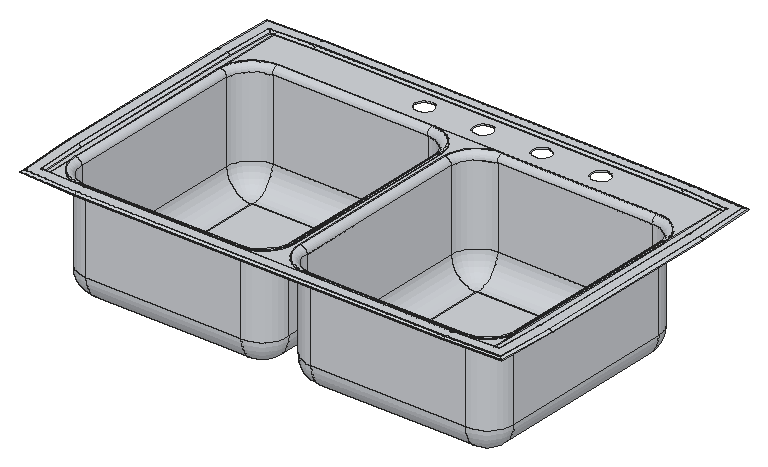
Revit family "equip-sink-elkay-double-lustertone", category Generic Models, Revit 2019
Family settings
  Can host rebar = No
  Round Connector Dimension = Use Diameter
  Part Type = Normal
  Work Plane-Based = No
  Always vertical = Yes
  Cut with Voids When Loaded = No
  Shared = No
  Room Calculation Point = No
Parameters (values of type "LR3321")
  URL = "www.elkayusa.com"
  Specification Sheet URL = "http://www.elkayusa.com/cps/rde/xbcr/elkay/01-62H_LR(Q)_LRAD(Q)_Double_Bowl.pdf"
  Sink Width = 1' - 9 1/4"
  Sink Material = none
  Sink Length = 2' - 9"
  Sink Ledge Sides Width = 0' - 1 7/8"
  Sink Ledge Front Width = 0' - 1 1/2"
  Sink Ledge Back Width = 0' - 4"
  Sink Depth = 0' - 7 5/8"
  Sink Bowl Formula = ((Sink Length - Sink Ledge Sides Width - Sink Ledge Sides Width - Partition Width) / 2)  # 1' - 2"
  Partition Width = 0' - 1 1/4"
  Model = "LR3321"
  Minimum Cabinet Width = ""
  Manufacturer = "Elkay Manufacturing"
  Installation Sheet URL = "http://www.elkayusa.com/cps/rde/xbcr/elkay/74180147.pdf"
  Hole 5 Top = 0' - 1 1/2"
  Hole 4 Top = 0' - 2"
  Hole 3 Top = 0' - 2"
  Hole 2 Top = 0' - 2"
  Hole 1 to 6 = 1' - 6"
  Hole 1 to 8 = 2' - 0"
  Hole 1 to 7 = 1' - 9"
  Hole 1 to 5 = 1' - 3"
  Hole 1 to 4 = 1' - 0"
  Hole 1 to 3 = 0' - 8"
  Hole 1 to 2 = 0' - 4"
  Hole 1 from CL = 0' - 4"
  Hole 1 Top = 0' - 2"
  Faucet Hole CL = 0' - 2 1/4"
  Drain Location = 0' - 8"
  Description = "Lustertone Double Bowl Sink"
  Deep Specification Sheet URL = "http://www.elkayusa.com/cps/rde/xbcr/elkay/01-19G_DLR(Q)_Double_Bowl.pdf"
  Custom Bowl = no
  Custom Bowl Length = ((Sink Length - Sink Ledge Sides Width - Sink Ledge Sides Width - Partition Width) / 2) - CL Sink to CL Partition  # 1' - 2"
  CL Sink to CL Partition = 0' - 0"
  Bowl Length = ((Sink Length - Sink Ledge Sides Width - Sink Ledge Sides Width - Partition Width) / 2)  # 1' - 2"
  Left Bowl Length = if(Custom Bowl, Custom Bowl Length, Sink Bowl Formula)  # 1' - 2"
  2D Hole 5 = Hole 5 Top = 0' 2"  # no
  2D Hole 4 = Hole 4 Top = 0' 2"  # yes
  2D Hole 3 = Hole 3 Top = 0' 2"  # yes
  2D Hole 2 = Hole 2 Top = 0' 2"  # yes
  2D Hole 1 = Hole 1 Top = 0' 2"  # yes
Types (4): name
  ByType
  LR3321
  LR3319
  DLR332210
Reference planes (in)
  plane 1 "CL Sink Hole": y = -0.125
  plane 2 "Rim Top Outside Corner": z = 0.0015695
  plane 3 "Center (Left/Right)": x = 0
  plane 4 "Basin Edge Left": x = -14.625
  plane 5 "Basin Edge Right": x = 14.625
  plane 6 "Basin Edge Back": y = 7.875
  plane 7 "Basin Edge Front": y = -7.875
  plane 8 "Left": x = -16.5
  plane 9 "Right": x = 16.5
  plane 10 "Back": y = 11.875
  plane 11 "Front": y = -9.375
  plane 12 "Sink Angle Back Corner": y = 11.7042275
  plane 13 "Sink Angle Right Corner": x = 16.3267866
  plane 14 "Sink Angle Right": x = 12.5172067
  plane 15 "Sink Angle Back": y = 7.5898437
  plane 16 "Sink Angle Left": x = -12.515625
  plane 17 "Sink Angle Left Corner": x = -16.328125
  plane 18 "Sink Angle Front Corner": y = -9.203125
  plane 19 "Sink Angle Front": y = -5.0898438
  plane 20 "Sink Top Face Back Edge": y = 10.8469509
  plane 21 "Sink Top Face Front Edge": y = -8.3476563
  plane 22 "Sink Top Face Right Edge": x = 15.0976563
  plane 23 "Sink Top Face Left Edge": x = -15.0976562
  plane 24 "Sink Bowl Bottom (Top Face)": z = -7.5195312
  plane 25 "Faucet CL": y = 9.625
  plane 26 "Sink Top Piece Top Face": z = -0.0194305
  plane 27 "Sink Top Piece Bottom Face": z = -0.0819305
  plane 28 "Left Sink Bottom Piece Right Edge": x = -2.3125
  plane 29 "Top Void for Radius Back Edge": y = 5.375
  plane 30 "back ledge void radius": y = 8.3671875
  plane 31 "front ledge void radius": y = -8.3671875
  plane 32 "Top Radius Corner Prot": z = -0.4405305
  plane 33: z = -5.8320312
  plane 34 "Sink Bowl Bottom (Bottom Face)": z = -7.5820312
  plane 35 "Left Sink Bottom Piece Left Edge": x = -12.9375
  plane 36 "Sink Bottom Piece Right Edge": x = 12.9375
  plane 37 "Sink Bottom Piece Back Edge": y = 6.1875
  plane 38 "Sink Bottom Piece Front Edge": y = -6.1875
  plane 39 "Top Void for Radius Front Edge": y = -4.875
  plane 40 "Sink Top Locked Edge Right": x = 15.5625
  plane 41 "Sink Top Locked Edge Left": x = -15.5625
  plane 42 "Hole 1": x = -4
  plane 43 "Hole 2": x = 0
  plane 44 "Hole 3": x = 4
  plane 45 "Hole 4": x = 8
  plane 46 "Hole 5": x = 11
  plane 47 "Faucet Hole Void Bottoms": z = -1.9984305
  plane 48 "Hole 1 Top": z = 0.0015695
  plane 49 "Hole 2 Top": z = 0.0015695
  plane 50 "Hole 3 Top": z = 0.0015695
  plane 51 "Hole 4 Top": z = 0.0015695
  plane 52 "Hole 5 Top": z = -0.4984305
  plane 53 "Top": z = 0.1054687
  plane 54 "Insertion Plan for Sink - Bottom Outside Corner of Rim": z = -0.0524008
  plane 55 "Center (Front/Back)": y = 0
  plane 56 "CL PARTITION": x = 0
  plane 57 "LEFT BOWL RIGHT EDGE": x = -0.625
  plane 58 "RIGHT BOWL LEFT EDGE": x = 0.625
  plane 59 "Sink Bottom Piece Left Edge": x = 2.3125
  plane 60 "Left Bowl CL Drain": x = -7.625
  plane 61 "Right Bowl CL Drain": x = 7.625
  plane 62 "Left Partition Left Edge": x = -0.1328125
  plane 63 "Left Partition Right Edge": x = 0.1328125
Forms (in)
  Sweep 1, solid, material <- "Sink Material"
    path origin (0, 0, 0) x (1, 0, 0) y (0, 1, 0)
      loop
        line (12.5172067, 11.875) -> (-12.515625, 11.875) -> (-16.328125, 11.7042275) -> (-16.5, 7.5898437) -> (-16.5, -5.0898438) -> (-16.328125, -9.203125) -> (-12.515625, -9.375) -> (12.5172067, -9.375) -> (16.3267866, -9.203125) -> (16.5, -5.0898438) -> (16.5, 7.5898437) -> (16.3267866, 11.7042275) -> (12.5172067, 11.875)
    profile "profile-elkay-sink-rim-1 : profile-elkay-sink-rim-1" origin (0.0007909, 11.875, 0) x (0, -1, 0) y (0, 0, 1)
      loop
        line (0, 0) -> (0, -0.0524008) -> (0.2039181, 0.0577989) -> (0.8052651, 0.0577989) -> (1.0074493, -0.0709913) -> (1.0074493, -0.0163327) -> (0.841093, 0.0896347)
        arc (0.841093, 0.0896347) -> (0.8176388, 0.1002604) -> (0.7921483, 0.1038992) r 0.091102
        line (0.7921483, 0.1038992) -> (0.2153023, 0.1038992)
        arc (0.2153023, 0.1038992) -> (0.1929626, 0.1011179) -> (0.1719868, 0.0929438) r 0.0911081
        line (0.1719868, 0.0929438) -> (0, 0)
  Extrusion 2, solid, material <- "Sink Material"
    sketch origin (0, 0, 0) x (1, 0, 0) y (0, 1, 0)
      loop
        line (-15.0976562, 10.8469509) -> (-15.0976562, 5.375) -> (15.0976563, 5.375) -> (15.0976563, 10.8469509) -> (-15.0976562, 10.8469509)
    from -0.0819305 to -0.0194305
  Extrusion 3, void
    sketch origin (0, 0, 0) x (1, 0, 0) y (0, 1, 0)
      loop
        line (15.0976563, 5.375) -> (15.0976563, 6.0191505)
        arc (15.0976563, 6.0191505) -> (14.4099321, 7.6794634) -> (12.7496193, 8.3671875) r 2.348037
        line (12.7496193, 8.3671875) -> (-12.75, 8.3671875)
        arc (-12.75, 8.3671875) -> (-14.4100437, 7.6795749) -> (-15.0976562, 6.0195312) r 2.3476562
        line (-15.0976562, 6.0195312) -> (-15.0976562, 5.375) -> (15.0976563, 5.375)
    from -0.7469965 to 0.495879
  Extrusion 4, solid, material <- "Sink Material"
    sketch origin (0, 0, 0) x (1, 0, 0) y (0, 1, 0)
      loop
        line (-15.0976562, -5.0898438) -> (-15.0976562, -8.3476563) -> (15.0976563, -8.3476563) -> (15.0976563, -5.0898438) -> (-15.0976562, -5.0898438)
    from -0.0819305 to -0.0194305
  Extrusion 5, void
    sketch origin (0, 0, 0) x (1, 0, 0) y (0, 1, 0)
      loop
        line (-15.0976562, -4.875) -> (-15.0976562, -6.0857599)
        arc (-15.0976562, -6.0857599) -> (-14.4294416, -7.6989728) -> (-12.8162287, -8.3671875) r 2.2814276
        line (-12.8162287, -8.3671875) -> (12.8164063, -8.3671875)
        arc (12.8164063, -8.3671875) -> (14.4294936, -7.6990248) -> (15.0976562, -6.0859375) r 2.28125
        line (15.0976562, -6.0859375) -> (15.0976563, -4.875) -> (-15.0976562, -4.875)
    from -1.9984305 to 0.6466859
  Extrusion 6, solid, material <- "Sink Material"
    sketch origin (0, 0, 0) x (1, 0, 0) y (0, 1, 0)
      loop
        line (-15.5625, 10.8469509) -> (-15.5625, -8.3476563) -> (-15.0976562, -8.3476563) -> (-15.0976562, 10.8469509) -> (-15.5625, 10.8469509)
    from -0.0819305 to -0.0194305
  Extrusion 7, solid, material <- "Sink Material"
    sketch origin (0, 0, 0) x (1, 0, 0) y (0, 1, 0)
      loop
        line (15.0976563, 10.8469509) -> (15.0976563, -8.3476563) -> (15.5625, -8.3476563) -> (15.5625, 10.8469509) -> (15.0976563, 10.8469509)
    from -0.0819305 to -0.0194305
  Sweep 8, solid, material <- "Sink Material"
    path origin (-14.75, 0, -0.0194305) x (-1, 0, 0) y (0, -1, 0)
      loop
        line (-12.375, -7.875) -> (-1.875, -7.875)
        arc (-1.875, -7.875) -> (-0.6375631, -7.3624369) -> (-0.125, -6.125) r 1.75
        line (-0.125, -6.125) -> (-0.125, 6.125)
        arc (-0.125, 6.125) -> (-0.6375631, 7.3624369) -> (-1.875, 7.875) r 1.75
        line (-1.875, 7.875) -> (-12.375, 7.875)
        arc (-12.375, 7.875) -> (-13.6124369, 7.3624369) -> (-14.125, 6.125) r 1.75
        line (-14.125, 6.125) -> (-14.125, -6.125)
        arc (-14.125, -6.125) -> (-13.6124369, -7.3624369) -> (-12.375, -7.875) r 1.75
    profile "profile-elkay-sink-top corner : profile-elkay-sink-top corner" origin (-7.625, 7.875, -0.0194305) x (0, -1, 0) y (0, 0, 1)
      loop
        line (-0.4204811, 0) -> (-0.4921875, 0) -> (-0.4921875, -0.0461) -> (-0.4204811, -0.0461)
        arc (-0.4204811, -0.0461) -> (-0.1553161, -0.155935) -> (-0.0454811, -0.4211) r 0.375
        line (-0.0454811, -0.4211) -> (0.0006189, -0.4211)
        arc (0.0006189, -0.4211) -> (-0.1227185, -0.1233373) -> (-0.4204811, 0) r 0.4211
  Sweep 9, solid, material <- "Sink Material"
    path origin (-14.75, 0, -7.5195312) x (-1, 0, 0) y (0, -1, 0)
      loop
        line (-0.125, -6.125) -> (-0.125, 6.125)
        arc (-0.125, 6.125) -> (-0.6375631, 7.3624369) -> (-1.875, 7.875) r 1.75
        line (-1.875, 7.875) -> (-12.375, 7.875)
        arc (-12.375, 7.875) -> (-13.6124369, 7.3624369) -> (-14.125, 6.125) r 1.75
        line (-14.125, 6.125) -> (-14.125, -6.125)
        arc (-14.125, -6.125) -> (-13.6124369, -7.3624369) -> (-12.375, -7.875) r 1.75
        line (-12.375, -7.875) -> (-1.875, -7.875)
        arc (-1.875, -7.875) -> (-0.6375631, -7.3624369) -> (-0.125, -6.125) r 1.75
    profile "profile-elkay-sink-btm-crnr_1-6875 : profile-elkay-sink-btm-crnr_1-6875" origin (-14.625, 0, -7.5195312) x (1, 0, 0) y (0, 0, 1)
      loop
        line (1.6875, -0.0625) -> (1.6875, 0)
        arc (1.6875, 0) -> (0.4942573, 0.4942573) -> (0, 1.6875) r 1.6875
        line (0, 1.6875) -> (-0.0625, 1.6875)
        arc (-0.0625, 1.6875) -> (0.4500631, 0.4500631) -> (1.6875, -0.0625) r 1.75
  Extrusion 10, solid, material <- "Sink Material"
    sketch origin (0, 0, 0) x (1, 0, 0) y (0, 1, 0)
      loop
        line (-12.9375, 6.1875) -> (-12.9375, -6.1875) -> (-2.3125, -6.1875) -> (-2.3125, 6.1875) -> (-12.9375, 6.1875)
    from -7.5820312 to -7.5195312
  Extrusion 11, solid, material <- "Sink Material"
    sketch origin (-14.75, 0, 0) x (1, 0, 0) y (0, 1, 0)
      loop
        arc (1.875, 7.875) -> (0.6375631, 7.3624369) -> (0.125, 6.125) r 1.75
        line (0.125, 6.125) -> (0.125, -6.125)
        arc (0.125, -6.125) -> (0.6375631, -7.3624369) -> (1.875, -7.875) r 1.75
        line (1.875, -7.875) -> (12.375, -7.875)
        arc (12.375, -7.875) -> (13.6124369, -7.3624369) -> (14.125, -6.125) r 1.75
        line (14.125, -6.125) -> (14.125, 6.125)
        arc (14.125, 6.125) -> (13.6124369, 7.3624369) -> (12.375, 7.875) r 1.75
        line (12.375, 7.875) -> (1.875, 7.875)
      loop
        arc (1.875, 7.9375) -> (0.593369, 7.406631) -> (0.0625, 6.125) r 1.8125
        line (0.0625, 6.125) -> (0.0625, -6.125)
        arc (0.0625, -6.125) -> (0.593369, -7.406631) -> (1.875, -7.9375) r 1.8125
        line (1.875, -7.9375) -> (12.375, -7.9375)
        arc (12.375, -7.9375) -> (13.656631, -7.406631) -> (14.1875, -6.125) r 1.8125
        line (14.1875, -6.125) -> (14.1875, 6.125)
        arc (14.1875, 6.125) -> (13.656631, 7.406631) -> (12.375, 7.9375) r 1.8125
        line (12.375, 7.9375) -> (1.875, 7.9375)
    from -5.8320312 to -0.4405305
  Extrusion 12, void
    sketch origin (0, 0, 0) x (1, 0, 0) y (0, 1, 0)
      loop
        circle (-7.625, -0.125) r 2.5
    from -7.5820312 to -5.8320312
  Sweep 13, solid, material <- "Sink Material"
    path origin (-14.75, 0, -7.5195312) x (-1, 0, 0) y (0, -1, 0)
      loop
        circle (-7.125, 0.125) r 2.501635
    profile "profile-elkay-sink-hole-1 : profile-elkay-sink-hole-1" origin (-7.625, -2.626635, -7.5195312) x (0, 1, 0) y (0, 0, 1)
      loop
        line (0.5785343, -0.3269365) -> (0.1564602, -0.1343744)
        arc (0.1564602, -0.1343744) -> (0.1424945, -0.125589) -> (0.1313144, -0.1134552) r 0.0625
        line (0.1313144, -0.1134552) -> (0.0881719, -0.0522605)
        arc (0.0881719, -0.0522605) -> (0.0506391, -0.015074) -> (0, 0) r 0.1086
        line (0, 0) -> (0, -0.0461763)
        arc (0, -0.0461763) -> (0.0262058, -0.0541921) -> (0.0464633, -0.0726482) r 0.0625
        line (0.0464633, -0.0726482) -> (0.093406, -0.1396891)
        arc (0.093406, -0.1396891) -> (0.1129384, -0.1609677) -> (0.1373891, -0.176345) r 0.1086
        line (0.1373891, -0.176345) -> (0.5785343, -0.3776079) -> (0.5785343, -0.3269365)
  Sweep 14, solid, material <- "Sink Material"
    path origin (14.75, 0, -0.0194305) x (-1, 0, 0) y (0, -1, 0)
      loop
        line (1.875, -7.875) -> (12.375, -7.875)
        arc (12.375, -7.875) -> (13.6124369, -7.3624369) -> (14.125, -6.125) r 1.75
        line (14.125, -6.125) -> (14.125, 6.125)
        arc (14.125, 6.125) -> (13.6124369, 7.3624369) -> (12.375, 7.875) r 1.75
        line (12.375, 7.875) -> (1.875, 7.875)
        arc (1.875, 7.875) -> (0.6375631, 7.3624369) -> (0.125, 6.125) r 1.75
        line (0.125, 6.125) -> (0.125, -6.125)
        arc (0.125, -6.125) -> (0.6375631, -7.3624369) -> (1.875, -7.875) r 1.75
    profile "profile-elkay-sink-top corner : profile-elkay-sink-top corner" origin (7.625, 7.875, -0.0194305) x (0, -1, 0) y (0, 0, 1)
      loop
        line (-0.4204811, 0) -> (-0.4921875, 0) -> (-0.4921875, -0.0461) -> (-0.4204811, -0.0461)
        arc (-0.4204811, -0.0461) -> (-0.1553161, -0.155935) -> (-0.0454811, -0.4211) r 0.375
        line (-0.0454811, -0.4211) -> (0.0006189, -0.4211)
        arc (0.0006189, -0.4211) -> (-0.1227185, -0.1233373) -> (-0.4204811, 0) r 0.4211
  Sweep 15, solid, material <- "Sink Material"
    path origin (14.75, 0, -7.5195312) x (-1, 0, 0) y (0, -1, 0)
      loop
        line (14.125, -6.125) -> (14.125, 6.125)
        arc (14.125, 6.125) -> (13.6124369, 7.3624369) -> (12.375, 7.875) r 1.75
        line (12.375, 7.875) -> (1.875, 7.875)
        arc (1.875, 7.875) -> (0.6375631, 7.3624369) -> (0.125, 6.125) r 1.75
        line (0.125, 6.125) -> (0.125, -6.125)
        arc (0.125, -6.125) -> (0.6375631, -7.3624369) -> (1.875, -7.875) r 1.75
        line (1.875, -7.875) -> (12.375, -7.875)
        arc (12.375, -7.875) -> (13.6124369, -7.3624369) -> (14.125, -6.125) r 1.75
    profile "profile-elkay-sink-btm-crnr_1-6875 : profile-elkay-sink-btm-crnr_1-6875" origin (0.625, 0, -7.5195312) x (1, 0, 0) y (0, 0, 1)
      loop
        line (1.6875, -0.0625) -> (1.6875, 0)
        arc (1.6875, 0) -> (0.4942573, 0.4942573) -> (0, 1.6875) r 1.6875
        line (0, 1.6875) -> (-0.0625, 1.6875)
        arc (-0.0625, 1.6875) -> (0.4500631, 0.4500631) -> (1.6875, -0.0625) r 1.75
  Extrusion 16, solid, material <- "Sink Material"
    sketch origin (14.75, 0, 0) x (1, 0, 0) y (0, 1, 0)
      loop
        arc (-12.375, 7.875) -> (-13.6124369, 7.3624369) -> (-14.125, 6.125) r 1.75
        line (-14.125, 6.125) -> (-14.125, -6.125)
        arc (-14.125, -6.125) -> (-13.6124369, -7.3624369) -> (-12.375, -7.875) r 1.75
        line (-12.375, -7.875) -> (-1.875, -7.875)
        arc (-1.875, -7.875) -> (-0.6375631, -7.3624369) -> (-0.125, -6.125) r 1.75
        line (-0.125, -6.125) -> (-0.125, 6.125)
        arc (-0.125, 6.125) -> (-0.6375631, 7.3624369) -> (-1.875, 7.875) r 1.75
        line (-1.875, 7.875) -> (-12.375, 7.875)
      loop
        arc (-12.375, 7.9375) -> (-13.656631, 7.406631) -> (-14.1875, 6.125) r 1.8125
        line (-14.1875, 6.125) -> (-14.1875, -6.125)
        arc (-14.1875, -6.125) -> (-13.656631, -7.406631) -> (-12.375, -7.9375) r 1.8125
        line (-12.375, -7.9375) -> (-1.875, -7.9375)
        arc (-1.875, -7.9375) -> (-0.593369, -7.406631) -> (-0.0625, -6.125) r 1.8125
        line (-0.0625, -6.125) -> (-0.0625, 6.125)
        arc (-0.0625, 6.125) -> (-0.593369, 7.406631) -> (-1.875, 7.9375) r 1.8125
        line (-1.875, 7.9375) -> (-12.375, 7.9375)
    from -5.8320312 to -0.4405305
  Extrusion 17, solid, material <- "Sink Material"
    sketch origin (0, 0, 0) x (1, 0, 0) y (0, 1, 0)
      loop
        line (2.3125, 6.1875) -> (2.3125, -6.1875) -> (12.9375, -6.1875) -> (12.9375, 6.1875) -> (2.3125, 6.1875)
    from -7.5820312 to -7.5195312
  Extrusion 18, void
    sketch origin (0, 0, 0) x (1, 0, 0) y (0, 1, 0)
      loop
        circle (7.625, -0.125) r 2.5
    from -7.5820312 to -5.8320312
  Sweep 19, solid, material <- "Sink Material"
    path origin (14.75, 0, -7.5195312) x (-1, 0, 0) y (0, -1, 0)
      loop
        circle (7.125, 0.125) r 2.501635
    profile "profile-elkay-sink-hole-1 : profile-elkay-sink-hole-1" origin (7.625, -2.626635, -7.5195312) x (0, 1, 0) y (0, 0, 1)
      loop
        line (0.5785343, -0.3269365) -> (0.1564602, -0.1343744)
        arc (0.1564602, -0.1343744) -> (0.1424945, -0.125589) -> (0.1313144, -0.1134552) r 0.0625
        line (0.1313144, -0.1134552) -> (0.0881719, -0.0522605)
        arc (0.0881719, -0.0522605) -> (0.0506391, -0.015074) -> (0, 0) r 0.1086
        line (0, 0) -> (0, -0.0461763)
        arc (0, -0.0461763) -> (0.0262058, -0.0541921) -> (0.0464633, -0.0726482) r 0.0625
        line (0.0464633, -0.0726482) -> (0.093406, -0.1396891)
        arc (0.093406, -0.1396891) -> (0.1129384, -0.1609677) -> (0.1373891, -0.176345) r 0.1086
        line (0.1373891, -0.176345) -> (0.5785343, -0.3776079) -> (0.5785343, -0.3269365)
  Extrusion 20, void
    sketch origin (0, 0, 0) x (1, 0, 0) y (0, 1, 0)
      loop
        circle (-4, 9.625) r 0.625
    from -1.9984305 to 0.0015695
  Extrusion 21, void
    sketch origin (0, 0, 0) x (1, 0, 0) y (0, 1, 0)
      loop
        circle (0, 9.625) r 0.625
    from -1.9984305 to 0.0015695
  Extrusion 22, void
    sketch origin (0, 0, 0) x (1, 0, 0) y (0, 1, 0)
      loop
        circle (4, 9.625) r 0.625
    from -1.9984305 to 0.0015695
  Extrusion 23, void
    sketch origin (0, 0, 0) x (1, 0, 0) y (0, 1, 0)
      loop
        circle (8, 9.625) r 0.625
    from -1.9984305 to 0.0015695
  Extrusion 24, void
    sketch origin (0, 0, 0) x (1, 0, 0) y (0, 1, 0)
      loop
        circle (11, 9.625) r 0.625
    from -1.9984305 to -0.4984305
  Extrusion 25, solid, material <- "Sink Material"
    sketch origin (0, 0, 0) x (1, 0, 0) y (0, 1, 0)
      loop
        arc (-2.375, 8.3671875) -> (-0.789534, 7.710466) -> (-0.1328125, 6.125) r 2.2421875
        line (-0.1328125, 6.125) -> (-0.1328125, -6.125)
        arc (-0.1328125, -6.125) -> (-0.789534, -7.710466) -> (-2.375, -8.3671875) r 2.2421875
        line (-2.375, -8.3671875) -> (2.375, -8.3671875)
        arc (2.375, -8.3671875) -> (0.789534, -7.710466) -> (0.1328125, -6.125) r 2.2421875
        line (0.1328125, -6.125) -> (0.1328125, 6.125)
        arc (0.1328125, 6.125) -> (0.789534, 7.710466) -> (2.375, 8.3671875) r 2.2421875
        line (2.375, 8.3671875) -> (-2.375, 8.3671875)
    from -0.0819305 to -0.0194305
Cuts and joins
  Extrusion 3, Extrusion 12, Extrusion 18, Extrusion 20, Extrusion 21, Extrusion 22, Extrusion 23, Extrusion 24 cuts Sweep 1
  Extrusion 3, Extrusion 20, Extrusion 21, Extrusion 22, Extrusion 23, Extrusion 24 cuts Extrusion 2
  Extrusion 5 cuts Extrusion 4
  Extrusion 12 cuts Extrusion 10
  Extrusion 18 cuts Extrusion 17
Lines and regions (in)
  reference lines
    curve 1: line (12.5172067, 11.875, 0) -> (16.3267866, 11.7042275, 0)
    curve 2: line (16.3267866, 11.7042275, 0) -> (16.5, 7.5898437, 0)
    curve 3: line (-12.515625, 11.875, 0) -> (-16.328125, 11.7042275, 0)
    curve 4: line (-16.328125, 11.7042275, 0) -> (-16.5, 7.5898437, 0)
    curve 5: line (-16.5, -5.0898438, 0) -> (-16.328125, -9.203125, 0)
    curve 6: line (-16.328125, -9.203125, 0) -> (-12.515625, -9.375, 0)
    curve 7: line (16.5, -5.0898438, 0) -> (16.3267866, -9.203125, 0)
    curve 8: line (16.3267866, -9.203125, 0) -> (12.5172067, -9.375, 0)
Dimensions and locks (in)
  "Sink Ledge Sides Width": plane 8 "Left" to plane 4 "Basin Edge Left"
  "Sink Ledge Sides Width": plane 5 "Basin Edge Right" to plane 9 "Right"
  "Sink Length": plane 8 "Left" to plane 9 "Right"
  "Drain Location": plane 6 "Basin Edge Back" to plane 1 "CL Sink Hole"
  "Sink Ledge Back Width": plane 10 "Back" to plane 6 "Basin Edge Back"
  "Sink Ledge Front Width": plane 7 "Basin Edge Front" to plane 11 "Front"
  locked: plane 13 "Sink Angle Right Corner" to plane 9 "Right" at 0.1732134
  locked: plane 10 "Back" to plane 12 "Sink Angle Back Corner" at 0.1707725
  locked: plane 14 "Sink Angle Right" to plane 9 "Right" at 3.9827933
  locked: plane 10 "Back" to plane 15 "Sink Angle Back" at 4.2851562
  locked: plane 8 "Left" to plane 17 "Sink Angle Left Corner" at 0.171875
  locked: plane 8 "Left" to plane 16 "Sink Angle Left" at 3.984375
  locked: plane 18 "Sink Angle Front Corner" to plane 11 "Front" at 0.171875
  locked: plane 19 "Sink Angle Front" to plane 11 "Front" at 4.2851562
  "Sink Width": plane 10 "Back" to plane 11 "Front"
  locked: plane 10 "Back" to plane 20 "Sink Top Face Back Edge" at 1.0280491
  locked: plane 21 "Sink Top Face Front Edge" to plane 11 "Front" at 1.0273438
  locked: plane 23 "Sink Top Face Left Edge" to plane 4 "Basin Edge Left" at 0.4726562
  "Sink Depth": plane 53 "Top" to plane 24 "Sink Bowl Bottom (Top Face)"
  "Faucet Hole CL": plane 10 "Back" to plane 25 "Faucet CL"
  locked: plane 2 "Rim Top Outside Corner" to plane 26 "Sink Top Piece Top Face" at 0.021
  locked: plane 26 "Sink Top Piece Top Face" to plane 27 "Sink Top Piece Bottom Face" at 0.0625
  locked: plane 6 "Basin Edge Back" to plane 29 "Top Void for Radius Back Edge" at 2.5
  locked: plane 30 "back ledge void radius" to plane 29 "Top Void for Radius Back Edge" at 2.9921875
  locked: plane 39 "Top Void for Radius Front Edge" to plane 31 "front ledge void radius" at 3.4921875
  locked: plane 2 "Rim Top Outside Corner" to plane 32 "Top Radius Corner Prot" at 0.4421
  locked: plane 33 to plane 24 "Sink Bowl Bottom (Top Face)" at 1.6875
  locked: plane 24 "Sink Bowl Bottom (Top Face)" to plane 34 "Sink Bowl Bottom (Bottom Face)" at 0.0625
  locked: plane 38 "Sink Bottom Piece Front Edge" to plane 7 "Basin Edge Front" at 1.6875
  locked: plane 4 "Basin Edge Left" to plane 35 "Left Sink Bottom Piece Left Edge" at 1.6875
  locked: plane 36 "Sink Bottom Piece Right Edge" to plane 5 "Basin Edge Right" at 1.6875
  locked: plane 6 "Basin Edge Back" to plane 37 "Sink Bottom Piece Back Edge" at 1.6875
  locked: plane 39 "Top Void for Radius Front Edge" to plane 7 "Basin Edge Front" at 3
  locked: plane 5 "Basin Edge Right" to plane 22 "Sink Top Face Right Edge" at 0.4726562
  locked: Extrusion 3 sketch curve to plane 5 "Basin Edge Right" at 1.8753807
  locked: plane 6 "Basin Edge Back" to Extrusion 3 sketch curve at 1.8558495
  locked: plane 4 "Basin Edge Left" to Extrusion 3 sketch curve at 1.875
  locked: plane 6 "Basin Edge Back" to Extrusion 3 sketch curve at 1.8554688
  locked: plane 4 "Basin Edge Left" to Extrusion 5 sketch curve at 1.8087713
  locked: Extrusion 5 sketch curve to plane 5 "Basin Edge Right" at 1.8085938
  locked: Extrusion 5 sketch curve to plane 7 "Basin Edge Front" at 1.7892401
  locked: Extrusion 5 sketch curve to plane 7 "Basin Edge Front" at 1.7890625
  locked: plane 40 "Sink Top Locked Edge Right" to plane 9 "Right" at 0.9375
  locked: plane 8 "Left" to plane 41 "Sink Top Locked Edge Left" at 0.9375
  "Hole 1 from CL": plane 42 "Hole 1" to plane 3 "Center (Left/Right)"
  "Hole 1 to 2": plane 42 "Hole 1" to plane 43 "Hole 2"
  "Hole 1 to 3": plane 42 "Hole 1" to plane 44 "Hole 3"
  "Hole 1 to 4": plane 42 "Hole 1" to plane 45 "Hole 4"
  "Hole 1 to 5": plane 42 "Hole 1" to plane 46 "Hole 5"
  locked: plane 2 "Rim Top Outside Corner" to plane 47 "Faucet Hole Void Bottoms" at 2
  "Hole 1 Top": plane 48 "Hole 1 Top" to plane 47 "Faucet Hole Void Bottoms"
  "Hole 2 Top": plane 49 "Hole 2 Top" to plane 47 "Faucet Hole Void Bottoms"
  "Hole 3 Top": plane 50 "Hole 3 Top" to plane 47 "Faucet Hole Void Bottoms"
  "Hole 4 Top": plane 51 "Hole 4 Top" to plane 47 "Faucet Hole Void Bottoms"
  "Hole 5 Top": plane 52 "Hole 5 Top" to plane 47 "Faucet Hole Void Bottoms"
  locked: plane 53 "Top" to plane 2 "Rim Top Outside Corner" at 0.1038992
  locked: plane 53 "Top" to plane 54 "Insertion Plan for Sink - Bottom Outside Corner of Rim" at 0.1578695
  equal spacing: plane 6 "Basin Edge Back", plane 55 "Center (Front/Back)", plane 7 "Basin Edge Front"
  locked: plane 28 "Left Sink Bottom Piece Right Edge" to plane 57 "LEFT BOWL RIGHT EDGE" at 1.6875
  locked: plane 58 "RIGHT BOWL LEFT EDGE" to plane 59 "Sink Bottom Piece Left Edge" at 1.6875
  locked: plane 6 "Basin Edge Back" to Sweep 8 sketch curve at 1.75  (x2)
  locked: plane 4 "Basin Edge Left" to Sweep 8 sketch curve at 1.75  (x2)
  locked: Sweep 8 sketch curve to plane 57 "LEFT BOWL RIGHT EDGE" at 1.75  (x2)
  locked: Sweep 8 sketch curve to plane 7 "Basin Edge Front" at 1.75  (x2)
  equal spacing: plane 8 "Left", plane 3 "Center (Left/Right)", plane 9 "Right"
  equal spacing: plane 4 "Basin Edge Left", plane 60 "Left Bowl CL Drain", plane 57 "LEFT BOWL RIGHT EDGE"
  equal spacing: plane 58 "RIGHT BOWL LEFT EDGE", plane 61 "Right Bowl CL Drain", plane 5 "Basin Edge Right"
  locked: plane 4 "Basin Edge Left" to Sweep 9 sketch curve at 1.75  (x2)
  locked: Sweep 9 sketch curve to plane 57 "LEFT BOWL RIGHT EDGE" at 1.75  (x2)
  locked: plane 6 "Basin Edge Back" to Sweep 9 sketch curve at 1.75  (x2)
  locked: Sweep 9 sketch curve to plane 7 "Basin Edge Front" at 1.75  (x2)
  locked: plane 6 "Basin Edge Back" to Extrusion 11 sketch curve at 1.75  (x2)
  locked: plane 4 "Basin Edge Left" to Extrusion 11 sketch curve at 1.75  (x2)
  locked: Extrusion 11 sketch curve to plane 57 "LEFT BOWL RIGHT EDGE" at 1.75  (x2)
  locked: Extrusion 11 sketch curve to plane 7 "Basin Edge Front" at 1.75  (x2)
  locked: plane 58 "RIGHT BOWL LEFT EDGE" to Sweep 14 sketch curve at 1.75  (x2)
  locked: Sweep 14 sketch curve to plane 5 "Basin Edge Right" at 1.75  (x2)
  locked: plane 6 "Basin Edge Back" to Sweep 14 sketch curve at 1.75  (x2)
  locked: Sweep 14 sketch curve to plane 7 "Basin Edge Front" at 1.75  (x2)
  locked: Sweep 15 sketch curve to plane 5 "Basin Edge Right" at 1.75  (x2)
  locked: Sweep 15 sketch curve to plane 7 "Basin Edge Front" at 1.75  (x2)
  locked: plane 58 "RIGHT BOWL LEFT EDGE" to Sweep 15 sketch curve at 1.75  (x2)
  locked: plane 6 "Basin Edge Back" to Sweep 15 sketch curve at 1.75  (x2)
  locked: plane 58 "RIGHT BOWL LEFT EDGE" to Extrusion 16 sketch curve at 1.75  (x2)
  locked: Extrusion 16 sketch curve to plane 5 "Basin Edge Right" at 1.75  (x2)
  locked: Extrusion 16 sketch curve to plane 7 "Basin Edge Front" at 1.75  (x2)
  locked: plane 6 "Basin Edge Back" to Extrusion 16 sketch curve at 1.75  (x2)
  plane 8 "Left" to plane 42 "Hole 1" = 1' - 0 1/2"
  locked: Extrusion 25 sketch curve to plane 57 "LEFT BOWL RIGHT EDGE" at 1.75  (x2)
  locked: plane 6 "Basin Edge Back" to Extrusion 25 sketch curve at 1.75  (x2)
  locked: Extrusion 25 sketch curve to plane 31 "front ledge void radius" at 2.2421875  (x2)
  plane 62 "Left Partition Left Edge" to plane 56 "CL PARTITION" to plane 63 "Left Partition Right Edge" = 0' - 0 17/128" locked, 0' - 0 17/128" locked
  "CL Sink to CL Partition": plane 56 "CL PARTITION" to plane 3 "Center (Left/Right)"
  "Partition Width": plane 57 "LEFT BOWL RIGHT EDGE" to plane 58 "RIGHT BOWL LEFT EDGE"
  equal spacing: plane 57 "LEFT BOWL RIGHT EDGE", plane 56 "CL PARTITION", plane 58 "RIGHT BOWL LEFT EDGE"
  locked: plane 58 "RIGHT BOWL LEFT EDGE" to Extrusion 25 sketch curve at 1.75  (x2)
  aligned and locked: plane 9 "Right" to Sweep 1 sketch curve
  aligned and locked: plane 10 "Back" to Sweep 1 sketch curve
  aligned and locked: Sweep 1 sketch curve to plane 8 "Left"
  aligned and locked: Sweep 1 sketch curve to plane 11 "Front"
  aligned and locked: Sweep 1 sketch curve to curve 7
  aligned and locked: Sweep 1 sketch curve to curve 8
  aligned and locked: Sweep 1 sketch curve to curve 6
  aligned and locked: Sweep 1 sketch curve to curve 5
  aligned and locked: Sweep 1 sketch curve to curve 4
  aligned and locked: Sweep 1 sketch curve to curve 3
  aligned and locked: Sweep 1 sketch curve to curve 1
  aligned and locked: Sweep 1 sketch curve to curve 2
  aligned and locked: plane 29 "Top Void for Radius Back Edge" to Extrusion 2 sketch curve
  aligned and locked: plane 23 "Sink Top Face Left Edge" to Extrusion 2 sketch curve
  aligned and locked: Extrusion 2 sketch curve to plane 22 "Sink Top Face Right Edge"
  aligned and locked: Extrusion 2 sketch curve to plane 20 "Sink Top Face Back Edge"
  aligned and locked: Extrusion 2 to plane 27 "Sink Top Piece Bottom Face"
  aligned and locked: plane 23 "Sink Top Face Left Edge" to Extrusion 3 sketch curve
  aligned and locked: Extrusion 3 sketch curve to plane 22 "Sink Top Face Right Edge"
  aligned and locked: plane 29 "Top Void for Radius Back Edge" to Extrusion 3 sketch curve
  aligned and locked: plane 26 "Sink Top Piece Top Face" to Extrusion 2
  aligned and locked: Extrusion 3 sketch curve to plane 30 "back ledge void radius"
  aligned and locked: plane 23 "Sink Top Face Left Edge" to Extrusion 4 sketch curve
  aligned and locked: Extrusion 4 sketch curve to plane 19 "Sink Angle Front"
  aligned and locked: plane 21 "Sink Top Face Front Edge" to Extrusion 4 sketch curve
  aligned and locked: Extrusion 4 sketch curve to plane 22 "Sink Top Face Right Edge"
  aligned and locked: plane 26 "Sink Top Piece Top Face" to Extrusion 4
  aligned and locked: Extrusion 4 to plane 27 "Sink Top Piece Bottom Face"
  aligned and locked: Extrusion 5 sketch curve to plane 22 "Sink Top Face Right Edge"
  aligned and locked: plane 23 "Sink Top Face Left Edge" to Extrusion 5 sketch curve
  aligned and locked: plane 31 "front ledge void radius" to Extrusion 5 sketch curve
  aligned and locked: Extrusion 5 sketch curve to plane 39 "Top Void for Radius Front Edge"
  aligned and locked: plane 41 "Sink Top Locked Edge Left" to Extrusion 6 sketch curve
  aligned and locked: Extrusion 6 sketch curve to plane 23 "Sink Top Face Left Edge"
  aligned and locked: Extrusion 6 to plane 27 "Sink Top Piece Bottom Face"
  aligned and locked: plane 26 "Sink Top Piece Top Face" to Extrusion 6
  aligned and locked: plane 20 "Sink Top Face Back Edge" to Extrusion 6
  aligned and locked: Extrusion 6 to plane 21 "Sink Top Face Front Edge"
  aligned and locked: Extrusion 7 sketch curve to plane 20 "Sink Top Face Back Edge"
  aligned and locked: plane 22 "Sink Top Face Right Edge" to Extrusion 7 sketch curve
  aligned and locked: plane 21 "Sink Top Face Front Edge" to Extrusion 7 sketch curve
  aligned and locked: plane 40 "Sink Top Locked Edge Right" to Extrusion 7 sketch curve
  aligned and locked: plane 27 "Sink Top Piece Bottom Face" to Extrusion 7
  aligned and locked: plane 26 "Sink Top Piece Top Face" to Extrusion 7
  aligned and locked: Extrusion 5 to plane 47 "Faucet Hole Void Bottoms"
  aligned and locked: Sweep 8 sketch curve to plane 4 "Basin Edge Left"
  aligned and locked: Sweep 8 sketch curve to plane 57 "LEFT BOWL RIGHT EDGE"
  aligned and locked: Sweep 9 sketch curve to plane 57 "LEFT BOWL RIGHT EDGE"
  aligned and locked: Sweep 9 sketch curve to plane 6 "Basin Edge Back"
  aligned and locked: Sweep 9 sketch curve to plane 7 "Basin Edge Front"
  aligned and locked: plane 35 "Left Sink Bottom Piece Left Edge" to Extrusion 10 sketch curve
  aligned and locked: Extrusion 10 sketch curve to plane 28 "Left Sink Bottom Piece Right Edge"
  aligned and locked: plane 38 "Sink Bottom Piece Front Edge" to Extrusion 10 sketch curve
  aligned and locked: Extrusion 10 sketch curve to plane 37 "Sink Bottom Piece Back Edge"
  aligned and locked: Extrusion 10 to plane 34 "Sink Bowl Bottom (Bottom Face)"
  aligned and locked: plane 24 "Sink Bowl Bottom (Top Face)" to Extrusion 10
  aligned and locked: plane 4 "Basin Edge Left" to Extrusion 11 sketch curve
  aligned and locked: plane 7 "Basin Edge Front" to Extrusion 11 sketch curve
  aligned and locked: Extrusion 11 sketch curve to plane 57 "LEFT BOWL RIGHT EDGE"
  aligned and locked: Extrusion 11 sketch curve to plane 6 "Basin Edge Back"
  aligned and locked: plane 32 "Top Radius Corner Prot" to Extrusion 11
  aligned and locked: Extrusion 12 to plane 34 "Sink Bowl Bottom (Bottom Face)"
  aligned and locked: Sweep 14 sketch curve to plane 7 "Basin Edge Front"
  aligned and locked: Sweep 14 sketch curve to plane 5 "Basin Edge Right"
  aligned and locked: Sweep 14 sketch curve to plane 58 "RIGHT BOWL LEFT EDGE"
  aligned and locked: Sweep 15 sketch curve to plane 58 "RIGHT BOWL LEFT EDGE"
  aligned and locked: Sweep 15 sketch curve to plane 5 "Basin Edge Right"
  aligned and locked: Sweep 15 sketch curve to plane 7 "Basin Edge Front"
  aligned and locked: plane 32 "Top Radius Corner Prot" to Extrusion 16
  aligned and locked: plane 59 "Sink Bottom Piece Left Edge" to Extrusion 17 sketch curve
  aligned and locked: Extrusion 17 sketch curve to plane 36 "Sink Bottom Piece Right Edge"
  aligned and locked: plane 38 "Sink Bottom Piece Front Edge" to Extrusion 17 sketch curve
  aligned and locked: Extrusion 17 sketch curve to plane 37 "Sink Bottom Piece Back Edge"
  aligned: Extrusion 17 to plane 24 "Sink Bowl Bottom (Top Face)"
  aligned and locked: Extrusion 17 to plane 34 "Sink Bowl Bottom (Bottom Face)"
  aligned and locked: plane 24 "Sink Bowl Bottom (Top Face)" to Extrusion 17
  aligned and locked: Extrusion 18 to plane 34 "Sink Bowl Bottom (Bottom Face)"
  aligned and locked: plane 33 to Extrusion 18
  aligned and locked: plane 58 "RIGHT BOWL LEFT EDGE" to Extrusion 16 sketch curve
  aligned and locked: Extrusion 20 to plane 47 "Faucet Hole Void Bottoms"
  aligned and locked: Extrusion 21 to plane 47 "Faucet Hole Void Bottoms"
  aligned and locked: Extrusion 22 to plane 47 "Faucet Hole Void Bottoms"
  aligned and locked: Extrusion 23 to plane 47 "Faucet Hole Void Bottoms"
  aligned and locked: Extrusion 24 to plane 47 "Faucet Hole Void Bottoms"
  aligned and locked: plane 48 "Hole 1 Top" to Extrusion 20
  aligned and locked: plane 49 "Hole 2 Top" to Extrusion 21
  aligned and locked: plane 50 "Hole 3 Top" to Extrusion 22
  aligned and locked: plane 51 "Hole 4 Top" to Extrusion 23
  aligned and locked: plane 52 "Hole 5 Top" to Extrusion 24
  aligned and locked: plane 30 "back ledge void radius" to Extrusion 25 sketch curve
  aligned and locked: plane 31 "front ledge void radius" to Extrusion 25 sketch curve
  aligned and locked: Extrusion 25 sketch curve to plane 63 "Left Partition Right Edge"
  aligned and locked: plane 62 "Left Partition Left Edge" to Extrusion 25 sketch curve
  aligned and locked: Extrusion 25 to plane 27 "Sink Top Piece Bottom Face"
  aligned and locked: plane 26 "Sink Top Piece Top Face" to Extrusion 25
  aligned and locked: Extrusion 11 to plane 33
  aligned and locked: Extrusion 16 to plane 33
Automatic sketch dimensions
  curve 4 to plane 8 "Left" = 0' - 0"
  curve 5 to plane 8 "Left" = 0' - 0"
  curve 5 to plane 17 "Sink Angle Left Corner" = 0' - 0"
  curve 4 to plane 12 "Sink Angle Back Corner" = 0' - 0"
  curve 4 to plane 17 "Sink Angle Left Corner" = 0' - 0"
  curve 3 to plane 10 "Back" = 0' - 0"
  curve 3 to plane 16 "Sink Angle Left" = 0' - 0"
  curve 6 to plane 11 "Front" = 0' - 0"
  curve 6 to plane 16 "Sink Angle Left" = 0' - 0"
  curve 1 to plane 10 "Back" = 0' - 0"
  curve 1 to plane 14 "Sink Angle Right" = 0' - 0"
  curve 8 to plane 11 "Front" = 0' - 0"
  curve 8 to plane 14 "Sink Angle Right" = 0' - 0"
  curve 1 to plane 12 "Sink Angle Back Corner" = 0' - 0"
  curve 1 to plane 13 "Sink Angle Right Corner" = 0' - 0"
  curve 8 to plane 13 "Sink Angle Right Corner" = 0' - 0"
  curve 7 to plane 9 "Right" = 0' - 0"
  curve 2 to plane 9 "Right" = 0' - 0"
  curve 5 to plane 18 "Sink Angle Front Corner" = 0' - 0"
  curve 7 to plane 18 "Sink Angle Front Corner" = 0' - 0"
  curve 7 to plane 19 "Sink Angle Front" = 0' - 0"
  curve 5 to plane 19 "Sink Angle Front" = 0' - 0"
  curve 2 to plane 15 "Sink Angle Back" = 0' - 0"
  curve 4 to plane 15 "Sink Angle Back" = 0' - 0"
  Extrusion 6 sketch curve to plane 21 "Sink Top Face Front Edge" = 0' - 0"
  Extrusion 6 sketch curve to plane 20 "Sink Top Face Back Edge" = 0' - 0"
  Extrusion 11 sketch curve to Extrusion 11 sketch curve = 0' - 0"  (x7)
  Extrusion 11 sketch curve to Extrusion 11 sketch curve = 0' - 0 1/16"
  plane 1 "CL Sink Hole" to Extrusion 12 sketch curve = 0' - 0"
  Extrusion 12 sketch curve to plane 60 "Left Bowl CL Drain" = 0' - 0"
  plane 1 "CL Sink Hole" to Sweep 13 sketch curve = 0' - 0"
  Sweep 13 sketch curve to plane 60 "Left Bowl CL Drain" = 0' - 0"
  plane 1 "CL Sink Hole" to Extrusion 18 sketch curve = 0' - 0"
  Extrusion 18 sketch curve to plane 61 "Right Bowl CL Drain" = 0' - 0"
  Sweep 19 sketch curve to plane 1 "CL Sink Hole" = 0' - 0"
  plane 61 "Right Bowl CL Drain" to Sweep 19 sketch curve = 0' - 0"
  Extrusion 16 sketch curve to Extrusion 16 sketch curve = 0' - 0"  (x7)
  Extrusion 16 sketch curve to plane 7 "Basin Edge Front" = 0' - 0 1/16"
  Extrusion 20 sketch curve to plane 25 "Faucet CL" = 0' - 0"
  Extrusion 20 sketch curve to plane 42 "Hole 1" = 0' - 0"
  Extrusion 21 sketch curve to plane 25 "Faucet CL" = 0' - 0"
  Extrusion 21 sketch curve to plane 43 "Hole 2" = 0' - 0"
  Extrusion 22 sketch curve to plane 25 "Faucet CL" = 0' - 0"
  Extrusion 22 sketch curve to plane 44 "Hole 3" = 0' - 0"
  Extrusion 23 sketch curve to plane 25 "Faucet CL" = 0' - 0"
  Extrusion 23 sketch curve to plane 45 "Hole 4" = 0' - 0"
  Extrusion 24 sketch curve to plane 25 "Faucet CL" = 0' - 0"
  Extrusion 24 sketch curve to plane 46 "Hole 5" = 0' - 0"
  Extrusion 25 sketch curve to Extrusion 25 sketch curve = 0' - 0"  (x3)
  plane 63 "Left Partition Right Edge" to Extrusion 25 sketch curve = 0' - 2 31/128"
  radius of Extrusion 12 sketch curve = 0' - 2 1/2"
  radius of Sweep 13 sketch curve = 0' - 2.50164"
  radius of Extrusion 18 sketch curve = 0' - 2 1/2"
  radius of Sweep 19 sketch curve = 0' - 2.50164"
  radius of Extrusion 20 sketch curve = 0' - 0 5/8"
  radius of Extrusion 21 sketch curve = 0' - 0 5/8"
  radius of Extrusion 22 sketch curve = 0' - 0 5/8"
  radius of Extrusion 23 sketch curve = 0' - 0 5/8"
  radius of Extrusion 24 sketch curve = 0' - 0 5/8"
